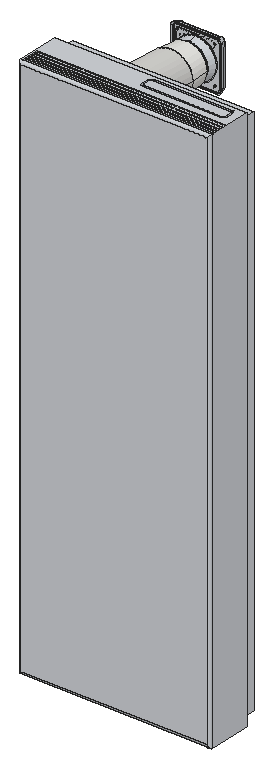
Revit family "57_CRD_ME_Sensa_V2X", category Mechanical Equipment, Revit 2020
Family settings
  Round Connector Dimension = Use Diameter
  Classification = None
  Part Type = Normal
  Work Plane-Based = Yes
  Always vertical = Yes
  Cut with Voids When Loaded = No
  Shared = No
  Room Calculation Point = Yes
Parameters
  voltage = 230 V  # constant formula
  roosters_hoh_maat [instance] = 880 mm
  rooster_offset_Y_onder [instance] = hoh_ventilatie_doorvoeren - roosters_hoh_maat + rooster_offset_Y_boven  # 118 mm
  rooster_offset_Y_boven [instance] = -100 mm
  rooster_offset_X [instance] = 100 mm
  ok_unit_tov_vloerpeil = 100 mm  # constant formula
  muurrooster_waalformaat [instance] = not(muurrooster_vierkant)  # no
  muurrooster_vierkant [instance] = yes
  materiaal_unit [instance] = none
  materiaal_muurrooster [instance] = none
  materiaal_kanaal [instance] = Color RAL 9016
  hoh_ventilatie_doorvoeren = 1098 mm  # constant formula
  hart_onderste_doorvoer_tov_vloerpeil = 238 mm  # constant formula
  hart_doorvoer_tov_hart_unit = 140 mm  # constant formula
  eis_offset_Y [instance] = "negatief getal ivm ontwatering"  # constant formula
  dikte_binnenspouwblad [instance] = 40 mm
  dikte_spouwconstructie [instance] = 400 mm
  diameter [instance] = if(connection_diameter_110, 110 mm, 150 mm)  # 110 mm
  debiet_m3h_max [instance] = 125.00 m³  # constant formula
  debiet_m3h [instance] = 100.00 m³
  debiet_Ls [instance] = debiet_m3h / 3600.0 s  # 27.7778 L/s
  connection_diameter_150 [instance] = 1 > 2  # no
  connection_diameter_110 [instance] = 2 > 1  # yes
  Power = 65 W
  Default Elevation = 1219.2 mm
Reference planes
  plane 1 "Center (Front/Back)": y = 0
  plane 2: z = 0
  plane 3 "Center (Left/Right)": x = 0
  plane 4: z = 100
  plane 5 "doorvoer_onder": z = 238
  plane 6 "doorvoer_boven": z = 1336
  plane 7: x = -140
Dimensions and locks
  "ok_unit_tov_vloerpeil": plane 2 to plane 4
  "hoh_ventilatie_doorvoeren": plane 5 "doorvoer_onder" to plane 6 "doorvoer_boven"
  "hart_onderste_doorvoer_tov_vloerpeil": plane 2 to plane 5 "doorvoer_onder"
  "hart_doorvoer_tov_hart_unit": plane 3 "Center (Left/Right)" to plane 7
  aligned and locked: level to plane 2
  aligned and locked: nested 2 to plane 7
  aligned and locked: nested 3 to plane 7
  aligned and locked: nested 3 to plane 1 "Center (Front/Back)"
  aligned and locked: nested 2 to plane 1 "Center (Front/Back)"
Nested families
  nested 1: "57_CRD_ME_Sensa_V2X_unit" at (0, 0, 0) x (1, 0, 0) z (0, -1, 0), materiaal_muurrooster <- "materiaal_muurrooster", Power <- "Power", rooster_offset_X <- "rooster_offset_X", debiet_m3h <- "debiet_m3h", muurrooster_vierkant <- "muurrooster_vierkant", materiaal_kanaal <- "materiaal_kanaal", materiaal_unit <- "materiaal_unit", dikte_spouwconstructie <- "dikte_spouwconstructie", dikte_binnenspouwblad <- "dikte_binnenspouwblad", rooster_offset_Y_boven <- "rooster_offset_Y_boven", roosters_hoh_maat <- "roosters_hoh_maat", rooster_offset_Y_onder <- "rooster_offset_Y_onder", type "Sensa V2X"
    with roosters_hoh_maat 880 mm, rooster_offset_Y_onder 118 mm, rooster_offset_Y_boven -100 mm, rooster_offset_X 100 mm, muurrooster_waalformaat no, muurrooster_vierkant yes, materiaal_unit none, materiaal_muurrooster none, materiaal_kanaal Color RAL 9016, dikte_spouwconstructie 400 mm, dikte_binnenspouwblad 40 mm, debiet_m3h 100.00 m³, debiet_Ls 27.7778 L/s, Voids Lenght Safe 300 mm, Void Length 220 mm, Void Depth 50 mm, Void Condition 0 mm, Square Condition 30.5 mm, Show Service Area no, Rectangular Condition 30.5 mm, Power 65 W, Length Grille Safe 350 mm, Length Grille 350 mm, Height Void 60 mm, Function Code "", Connection Diameter 150 no, Connection Diameter 110 yes
  nested 2: "57_CRD_AT_aansluiting_muurrooster_flex" at (-140, 0, 238) x (-1, 0, 0) z (0, 0, 1), materiaal_kanaal <- "materiaal_kanaal", materiaal_rooster <- "materiaal_muurrooster", diepte <- "dikte_spouwconstructie", lengte_recht_deel_aansluiting <- "dikte_binnenspouwblad", offset_X <- "rooster_offset_X", offset_Y <- "rooster_offset_Y_onder", Connection Diameter 150 <- "connection_diameter_150", muurrooster_waalformaat <- "muurrooster_waalformaat", type "Grille"
    with rekenwaarde_offset_Y 1118 mm, rekenwaarde_offset_X 1100 mm, offset_Y 118 mm, offset_X 100 mm, muurrooster_waalformaat no, muurrooster_vierkant yes, materiaal_rooster none, materiaal_kanaal Color RAL 9016, lengte_recht_deel_aansluiting 40 mm, diepte 400 mm, Tube Length 370 mm, R 55 mm, Diameter 110 mm, Connection Diameter 150 no, Connection Diameter 110 yes, Connection Diameter 110 mm
  nested 3: "57_CRD_AT_aansluiting_muurrooster_flex" at (-140, 0, 1336) x (-1, 0, 0) z (0, 0, 1), materiaal_kanaal <- "materiaal_kanaal", materiaal_rooster <- "materiaal_muurrooster", diepte <- "dikte_spouwconstructie", lengte_recht_deel_aansluiting <- "dikte_binnenspouwblad", offset_X <- "rooster_offset_X", offset_Y <- "rooster_offset_Y_boven", Connection Diameter 150 <- "connection_diameter_150", muurrooster_waalformaat <- "muurrooster_waalformaat", type "Grille"
    with rekenwaarde_offset_Y 900 mm, rekenwaarde_offset_X 1100 mm, offset_Y -100 mm, offset_X 100 mm, muurrooster_waalformaat no, muurrooster_vierkant yes, materiaal_rooster none, materiaal_kanaal Color RAL 9016, lengte_recht_deel_aansluiting 40 mm, diepte 400 mm, Tube Length 370 mm, R 55 mm, Diameter 110 mm, Connection Diameter 150 no, Connection Diameter 110 yes, Connection Diameter 110 mm
  nested 4: "Square Grille" at (-240, 400.025, 356) x (-1, 0, 0) z (0, 0, 1), type "Square Grille"
    with materiaal none, Function Code ""
  nested 5: "Square Grille" at (-240, 400.025, 1236) x (-1, 0, 0) z (0, 0, 1), type "Square Grille"
    with materiaal none, Function Code ""
Connectors
  electrical at (0, -2.521, 785), driven by "voltage"
    settings: on nested 1, index 1, voltage 230 V, apparent load 0 VA, apparent load phase1 0 VA, apparent load phase2 0 VA, apparent load phase3 0 VA, power factor 1, load classification "Other", number of poles 1, system type 31, power factor state 1, is connector primary yes, connector utility no, sub classification motor no, connector description ""
  hvac at (-140, 0, 238), driven by "diameter", driven by "debiet_Ls"
    settings: on nested 2, index 2, duct flow 27.7778 L/s, flow factor 0, pres drop 0.0 Pa, loss coef 0, conn angle 0.00°, conn width 304.8 mm, conn height 304.8 mm, conn diameter 110 mm, duct sys type 1, conn prof type 0, flow config 0, flow direction 1, loss method 0, conn ref index -1, conn util no, is conn primary yes, conn desc ""
  hvac at (-140, 0, 1336), driven by "diameter", driven by "debiet_Ls"
    settings: on nested 3, index 3, duct flow 27.7778 L/s, flow factor 0, pres drop 0.0 Pa, loss coef 0, conn angle 0.00°, conn width 304.8 mm, conn height 304.8 mm, conn diameter 110 mm, duct sys type 2, conn prof type 0, flow config 0, flow direction 2, loss method 0, conn ref index -1, conn util no, is conn primary no, conn desc ""
Definition of nested family "57_CRD_ME_Sensa_V2X_unit"
  Parameters (values of type "Sensa V2X")
    roosters_hoh_maat [instance] = 880 mm
    rooster_offset_Y_onder [instance] = 314 mm
    rooster_offset_Y_boven [instance] = 100 mm
    rooster_offset_X [instance] = 100 mm
    muurrooster_waalformaat [instance] = not(muurrooster_vierkant)  # no
    muurrooster_vierkant [instance] = yes
    materiaal_unit [instance] = none
    materiaal_muurrooster [instance] = none
    materiaal_kanaal [instance] = none
    hoh_ventilatie_doorvoeren = 1094 mm  # constant formula
    dikte_spouwconstructie [instance] = 400 mm
    dikte_binnenspouwblad [instance] = 40 mm
    debiet_m3h [instance] = 100.00 m³
    debiet_Ls [instance] = debiet_m3h / 3600.0 s  # 27.7778 L/s
    Wholesaler Art. No. = ""
    Wholesaler = ""
    Watermarked By = "www.stabiplan.com"
    Voltage = 230.002 V
    White = none
    Voids Lenght Safe [instance] = 300 mm
    Void Length [instance] = 220 mm
    Void Depth [instance] = 50 mm
    Void Condition [instance] = 0 mm
    URL = "www.stabiplan.com"
    Stabu Code = ""
    Square Condition [instance] = 30.5 mm
    Show Service Area [instance] = no
    Service Area = none
    Revit Version = "2018"  # constant formula
    Rectangular Condition [instance] = 30.5 mm
    Connection Radius = 55 mm
    Product Line = "ClimaRad"  # constant formula
    Power [instance] = 65 W
    Model = "Sensa V2X"
    Manufacturer URL = "www.climarad.com"
    Manufacturer Art. No. = "3514600"
    Manufacturer = "ClimaRad"  # constant formula
    MEPcontent Class = "VENTILATION_UNIT"  # constant formula
    Length Grille Safe [instance] = if(Length Grille < 350 mm, 350 mm, if(Length Grille > 500 mm, 500 mm, Length Grille))  # 350 mm
    Length Grille [instance] = 350 mm
    Length = 480 mm
    Internal Art. No. = ""
    IFCExportType = "NOTDEFINED"  # constant formula
    IFCExportAs = "IfcAirTerminal"  # constant formula
    Height Void [instance] = 60 mm
    Height = 1374 mm
    Grey = none
    GTIN = ""  # constant formula
    Function Code [instance] = ""
    Family Version = "11.14"  # constant formula
    ETIM Article Class = "EC010004"
    EMCS Version = "3.0"  # constant formula
    Distance connection 2 = 138 mm
    Distance connection = 142 mm
    Description = "Ventilation unit"  # constant formula
    Depth = 153 mm
    Default Elevation = 0 mm
    Custom = no
    Copyright = "© Stabiplan International BV"  # constant formula
    Content Supplier URL = "www.MEPcontent.com"
    Connection Diameter 150 [instance] = not(Connection Diameter 110)  # no
    Connection Diameter 110 [instance] = yes
    CB-NL Class = ""
    Article Type = "Sensa V2X"
    Article Description = "Ventilation unit"  # constant formula
  Reference planes
    plane 1 "Center (Front/Back)": y = 0
    plane 2: z = 0
    plane 3 "Center (Left/Right)": x = 0
    plane 4: y = 100
    plane 5: y = 787
    plane 6 "Front Equioment": z = 155.521
    plane 7: x = 240
    plane 8: x = -240
    plane 9 "Back": y = 1474
    plane 10: x = -260
    plane 11: x = 260
    plane 12: y = 1574
    plane 13: z = 62.036
    plane 14 "Front": z = 255.521
    plane 15: z = -380.5
    plane 16: z = -394.5
    plane 17: z = -387.781
    plane 18: z = -350
    plane 19: y = 114
    plane 20: y = 1456
    plane 21: x = -140
    plane 22: y = 1332
    plane 23: x = -226
    plane 24: x = 226
    plane 25: y = 238
    plane 26: z = -300
    plane 27: z = -350
    plane 28: z = 2.521
  Forms (mm)
    Extrusion 1, solid
      sketch origin (0, 0, 0) x (1, 0, 0) y (0, 1, 0)
        loop
          line (-480, 1457.842) -> (-480, -68.903) -> (469.794, -68.903) -> (469.794, 1457.842) -> (-480, 1457.842)
      from 0 to -450
    Extrusion 2, solid, material <- "White", detail levels fine
      sketch origin (-1854.958, 456.525, -35.1) x (1, 0, 0) y (0, 1, 0)
        loop
          line (1773.958, 811.476) -> (1773.958, 939.473)
          arc (1773.958, 939.473) -> (1771.029, 946.544) -> (1763.958, 949.473) r 10
          line (1763.958, 949.473) -> (1665.958, 949.473)
          arc (1665.958, 949.473) -> (1658.887, 946.544) -> (1655.958, 939.473) r 10
          line (1655.958, 939.473) -> (1655.958, 811.476)
          arc (1655.958, 811.476) -> (1658.887, 804.405) -> (1665.958, 801.476) r 10
          line (1665.958, 801.476) -> (1763.958, 801.476)
          arc (1763.958, 801.476) -> (1771.029, 804.405) -> (1773.958, 811.476) r 10
        loop
          circle (1714.958, 875.475) r 40
      from 35.1 to 37.6
    Extrusion 3, solid, material <- "Service Area", visible <- "Show Service Area"
      sketch origin (1751.09, 1776.354, 0) x (0, -1, 0) y (1, 0, 0)
        loop
          line (202.354, -2011.09) -> (1776.354, -2011.09) -> (1776.354, -1491.09) -> (202.354, -1491.09) -> (202.354, -2011.09)
      from 255.521 to 2.5
    Extrusion 4, solid, material <- "materiaal_unit", detail levels fine
      sketch origin (-266.791, 681.544, 2.484) x (-1, 0, 0) y (0, 1, 0)
        loop
          line (-40.791, 774.456) -> (-492.791, 774.456) -> (-492.791, -567.544) -> (-40.791, -567.544) -> (-40.791, 774.456)
      from -0.036 to -38
    Extrusion 5, solid, material <- "materiaal_unit", detail levels fine
      sketch origin (0, 0, 0) x (0, 1, 0) y (0, 0, 1)
        loop
          line (1474, 155.521) -> (100, 155.521) -> (100, 40.484) -> (1474, 40.484) -> (1474, 155.521)
      from -240 to 240
    Extrusion 6, void
      sketch origin (0, 0, 0) x (1, 0, 0) y (0, 0, 1)
        loop
          line (235.315, 148.577) -> (-234.685, 148.577) -> (-234.685, 143.577) -> (235.315, 143.577) -> (235.315, 148.577)
        loop
          line (235.315, 138.577) -> (-234.685, 138.577) -> (-234.685, 133.577) -> (235.315, 133.577) -> (235.315, 138.577)
        loop
          line (235.315, 128.577) -> (-234.685, 128.577) -> (-234.685, 123.577) -> (235.315, 123.577) -> (235.315, 128.577)
        loop
          line (235.315, 118.577) -> (-234.685, 118.577) -> (-234.685, 113.577) -> (235.315, 113.577) -> (235.315, 118.577)
        loop
          line (235.315, 108.577) -> (-234.685, 108.577) -> (-234.685, 103.577) -> (235.315, 103.577) -> (235.315, 108.577)
      from -1474 to -1439.681
    Extrusion 7, void
      sketch origin (-1052.495, 1474, 1219.2) x (-1, 0, 0) y (0, 0, 1)
        loop
          arc (-1263.031, -1134.079) -> (-1270.102, -1137.008) -> (-1273.031, -1144.079) r 10
          line (-1273.031, -1144.079) -> (-1273.031, -1159.079)
          arc (-1273.031, -1159.079) -> (-1270.102, -1166.15) -> (-1263.031, -1169.079) r 10
          line (-1263.031, -1169.079) -> (-1068.031, -1169.079)
          arc (-1068.031, -1169.079) -> (-1060.96, -1166.15) -> (-1058.031, -1159.079) r 10
          line (-1058.031, -1159.079) -> (-1058.031, -1144.079)
          arc (-1058.031, -1144.079) -> (-1060.96, -1137.008) -> (-1068.031, -1134.079) r 10
          line (-1068.031, -1134.079) -> (-1263.031, -1134.079)
        loop
          arc (-1263.031, -1139.079) -> (-1266.567, -1140.543) -> (-1268.031, -1144.079) r 5
          line (-1268.031, -1144.079) -> (-1268.031, -1159.079)
          arc (-1268.031, -1159.079) -> (-1266.567, -1162.615) -> (-1263.031, -1164.079) r 5
          line (-1263.031, -1164.079) -> (-1068.031, -1164.079)
          arc (-1068.031, -1164.079) -> (-1064.496, -1162.615) -> (-1063.031, -1159.079) r 5
          line (-1063.031, -1159.079) -> (-1063.031, -1144.079)
          arc (-1063.031, -1144.079) -> (-1064.496, -1140.543) -> (-1068.031, -1139.079) r 5
          line (-1068.031, -1139.079) -> (-1263.031, -1139.079)
      from -18 to 0
    Extrusion 8, solid, material <- "materiaal_unit", detail levels coarse+medium
      sketch origin (-278.735, -4572, -387.781) x (0, -1, 0) y (-1, 0, 0)
        loop
          line (-6046, -38.735) -> (-6046, -518.735) -> (-4672, -518.735) -> (-4672, -38.735) -> (-6046, -38.735)
      from -543.302 to -387.781
    Extrusion 9, solid, material <- "White", detail levels fine
      sketch origin (-1854.37, 1115.131, -35.1) x (-1, 0, 0) y (0, -1, 0)
        loop
          arc (-1773.37, 813.132) -> (-1770.441, 806.061) -> (-1763.37, 803.132) r 10
          line (-1763.37, 803.132) -> (-1665.37, 803.132)
          arc (-1665.37, 803.132) -> (-1658.299, 806.061) -> (-1655.37, 813.132) r 10
          line (-1655.37, 813.132) -> (-1655.37, 941.13)
          arc (-1655.37, 941.13) -> (-1658.299, 948.201) -> (-1665.37, 951.13) r 10
          line (-1665.37, 951.13) -> (-1763.37, 951.13)
          arc (-1763.37, 951.13) -> (-1770.441, 948.201) -> (-1773.37, 941.13) r 10
          line (-1773.37, 941.13) -> (-1773.37, 813.132)
        loop
          circle (-1714.37, 877.131) r 40
      from 35.1 to 37.6
    Sweep 10, void
      path origin (0, 0, 155.521) x (0, 1, 0) y (-1, 0, 0)
        loop
          line (1474, 240) -> (100, 240) -> (100, -240) -> (1474, -240) -> (1474, 240)
      profile origin (-240, 787, 155.521) x (1, 0, 0) y (0, 0, 1)
        loop
          line (7, 0) -> (14, 0) -> (14, 12.534) -> (-10, 12.534) -> (-10, -14.627) -> (0, -14.627) -> (0, -7)
          arc (0, -7) -> (2.05, -2.05) -> (7, 0) r 7
    Extrusion 11, void
      sketch origin (0, 0, 255.521) x (0, 1, 0) y (-1, 0, 0)
        loop
          line (161.299, 209.225) -> (100, 209.225) -> (100, -209.225) -> (161.299, -209.225) -> (161.299, 209.225)
      from -215.036 to -121.943
  Cuts and joins
    Extrusion 6, Extrusion 7, Sweep 10, Extrusion 11 cuts Extrusion 5
  Lines and regions (mm)
    model lines, detail levels fine
      curve 1: circle (200.537, 1474, 67.621) r 5 normal (0, 1, 0)
      curve 2: circle (185.537, 1474, 67.621) r 5 normal (0, 1, 0)
      curve 3: circle (170.537, 1474, 67.621) r 5 normal (0, 1, 0)
      curve 4: circle (155.537, 1474, 67.621) r 5 normal (0, 1, 0)
      curve 5: circle (140.537, 1474, 67.621) r 5 normal (0, 1, 0)
      curve 6: circle (40.537, 1474, 67.621) r 5 normal (0, 1, 0)
  Dimensions and locks
    locked: plane 4 to plane 1 "Center (Front/Back)" at 100
    equal spacing: plane 8, plane 3 "Center (Left/Right)", plane 7
    "Length": plane 8 to plane 7
    "Height": plane 9 "Back" to plane 4
    locked: plane 10 to plane 8 at 20
    locked: plane 7 to plane 11 at 20
    locked: plane 12 to plane 9 "Back" at 100
    locked: plane 13 to plane 2 at 62.036
    locked: plane 14 "Front" to plane 6 "Front Equioment" at 100
    locked: plane 15 to plane 16 at 14
    locked: plane 15 to plane 17 at 7.281
    "Square Condition": plane 18 to plane 15
    locked: plane 19 to plane 4 at 14
    locked: plane 1 "Center (Front/Back)" to plane 4 at 100
    locked: plane 8 to plane 23 at 14
    equal spacing: plane 9 "Back", plane 5, plane 4
    plane 3 "Center (Left/Right)" to Extrusion 8 = 240 mm
    "Length Grille Safe": plane 2 to plane 18
    "Distance connection": plane 9 "Back" to plane 22
    "Distance connection 2": plane 25 to plane 4
    plane 9 "Back" to plane 22 = 142 mm
    "Voids Lenght Safe": plane 2 to plane 26
    "Void Depth": plane 26 to plane 27
    "Depth": plane 6 "Front Equioment" to plane 28
    plane 28 to plane 2 = 2.521 mm
    equal spacing: Extrusion 11 sketch curve, plane 3 "Center (Left/Right)", Extrusion 11 sketch curve
    aligned and locked: plane 2 to Extrusion 1
    aligned and locked: level to Extrusion 1
    aligned and locked: plane 1 "Center (Front/Back)" to Extrusion 3
    aligned and locked: plane 11 to Extrusion 3
    aligned and locked: Extrusion 3 to plane 10
    aligned and locked: plane 12 to Extrusion 3
    aligned and locked: plane 14 "Front" to Extrusion 3
    aligned and locked: Extrusion 5 to Extrusion 4
    aligned and locked: plane 6 "Front Equioment" to Extrusion 5
    aligned and locked: plane 8 to Extrusion 5
    aligned and locked: plane 7 to Extrusion 5
    aligned and locked: Extrusion 4 to plane 19
    aligned and locked: plane 20 to Extrusion 4
    aligned and locked: Extrusion 4 to plane 24
    aligned and locked: Extrusion 8 to plane 2
    aligned and locked: plane 6 "Front Equioment" to Extrusion 8
  Automatic sketch dimensions
    Extrusion 1 sketch curve to Extrusion 1 sketch curve = 949.794 mm
    Extrusion 1 sketch curve to Extrusion 1 sketch curve = 1526.745 mm
    Extrusion 2 sketch curve to plane 21 = 0 mm
    Extrusion 2 sketch curve to plane 22 = 0 mm
    Extrusion 2 sketch curve to plane 21 = 49 mm  (x2)
    Extrusion 2 sketch curve to Extrusion 2 sketch curve = 10 mm  (x2)
    plane 21 to Extrusion 2 sketch curve = 49 mm  (x2)
    Extrusion 2 sketch curve to plane 22 = 63.999 mm
    plane 22 to Extrusion 2 sketch curve = 63.999 mm
    Extrusion 3 sketch curve to plane 11 = 0 mm
    Extrusion 3 sketch curve to plane 12 = 0 mm
    plane 1 "Center (Front/Back)" to Extrusion 3 sketch curve = 0 mm
    Extrusion 3 sketch curve to plane 10 = 0 mm
    Extrusion 4 sketch curve to plane 19 = 0 mm
    Extrusion 4 sketch curve to plane 24 = 0 mm
    Extrusion 4 sketch curve to plane 23 = 0 mm
    Extrusion 4 sketch curve to plane 20 = 0 mm
    Extrusion 5 sketch curve to plane 4 = 0 mm
    Extrusion 5 sketch curve to plane 9 "Back" = 0 mm
    plane 6 "Front Equioment" to Extrusion 5 sketch curve = 0 mm
    Extrusion 5 sketch curve to plane 13 = 21.552 mm
    Extrusion 6 sketch curve to plane 8 = 5.315 mm  (x3)
    Extrusion 6 sketch curve to Extrusion 6 sketch curve = 0 mm  (x2)
    Extrusion 6 sketch curve to plane 7 = 4.685 mm  (x5)
    plane 13 to Extrusion 6 sketch curve = 41.541 mm
    Extrusion 6 sketch curve to Extrusion 6 sketch curve = 5 mm  (x9)
    Extrusion 7 sketch curve to Extrusion 7 sketch curve = 0 mm  (x9)
    Extrusion 7 sketch curve to plane 13 = 1.915 mm  (x2)
    plane 24 to Extrusion 7 sketch curve = 5.463 mm
    Extrusion 7 sketch curve to Extrusion 7 sketch curve = 5 mm  (x3)
    plane 3 "Center (Left/Right)" to Extrusion 7 sketch curve = 15.537 mm
    plane 13 to Extrusion 7 sketch curve = 13.085 mm
    plane 13 to curve 1 = 5.585 mm
    plane 24 to curve 1 = 25.463 mm
    plane 13 to curve 2 = 5.585 mm
    curve 1 to curve 2 = 15 mm
    plane 13 to curve 3 = 5.585 mm
    curve 2 to curve 3 = 15 mm
    plane 13 to curve 4 = 5.585 mm
    curve 3 to curve 4 = 15 mm
    plane 13 to curve 5 = 5.585 mm
    curve 4 to curve 5 = 15 mm
    plane 13 to curve 6 = 5.585 mm
    plane 3 "Center (Left/Right)" to curve 6 = 40.537 mm
    plane 21 to Extrusion 9 sketch curve = 59 mm
    Extrusion 9 sketch curve to Extrusion 9 sketch curve = 10 mm  (x3)
    plane 21 to Extrusion 9 sketch curve = 0 mm
    Extrusion 9 sketch curve to plane 21 = 49 mm  (x2)
    Extrusion 9 sketch curve to plane 25 = 73.999 mm
    plane 25 to Extrusion 9 sketch curve = 0 mm
    plane 25 to Extrusion 9 sketch curve = 63.999 mm
    Sweep 10 sketch curve to plane 4 = 0 mm
    Sweep 10 sketch curve to plane 7 = 0 mm
    Sweep 10 sketch curve to plane 9 "Back" = 0 mm
    Sweep 10 sketch curve to plane 8 = 0 mm
    Extrusion 8 sketch curve to plane 7 = 0 mm
    Extrusion 8 sketch curve to plane 9 "Back" = 0 mm
    Extrusion 8 sketch curve to plane 4 = 0 mm
    Extrusion 8 sketch curve to plane 8 = 0 mm
    profile plane to Sweep 10 sketch curve = 0 mm
    Sweep 10 sketch curve to plane 6 "Front Equioment" = 0 mm
    Sweep 10 sketch curve to Sweep 10 sketch curve = 7 mm  (x2)
    Sweep 10 sketch curve to Sweep 10 sketch curve = 7.627 mm
    Sweep 10 sketch curve to Sweep 10 sketch curve = 12.534 mm
    Sweep 10 sketch curve to Sweep 10 sketch curve = 10 mm
    Extrusion 11 sketch curve to plane 19 = 14 mm
    Extrusion 11 sketch curve to Extrusion 11 sketch curve = 61.299 mm
    plane 24 to Extrusion 11 sketch curve = 16.775 mm
    radius of Extrusion 2 sketch curve = 40 mm
    radius of curve 1 = 5 mm
    radius of curve 2 = 5 mm
    radius of curve 3 = 5 mm
    radius of curve 4 = 5 mm
    radius of curve 5 = 5 mm
    radius of curve 6 = 5 mm
    radius of Extrusion 9 sketch curve = 40 mm
Definition of nested family "57_CRD_AT_aansluiting_muurrooster_flex"
  Parameters (values of type "Grille")
    rekenwaarde_offset_Y [instance] = offset_Y + 1000 mm  # 1150 mm
    rekenwaarde_offset_X [instance] = offset_X + 1000 mm  # 1150 mm
    offset_Y [instance] = 150 mm
    offset_X [instance] = 150 mm
    muurrooster_waalformaat [instance] = yes
    muurrooster_vierkant [instance] = not(muurrooster_waalformaat)  # no
    materiaal_rooster [instance] = none
    materiaal_kanaal [instance] = none
    lengte_recht_deel_aansluiting [instance] = 100 mm
    diepte [instance] = 600 mm
    Width = 210 mm
    Watermarked By = ""
    URL = "www.stabiplan.com"
    Tube Length [instance] = if(muurrooster_waalformaat, diepte - 80 mm, diepte - 30 mm)  # 520 mm
    R [instance] = Connection Diameter / 2  # 75 mm
    Model = ""
    Manufacturer = "ClimaRad"  # constant formula
    IFCExportType = "GRILLE"  # constant formula
    IFCExportAs = "IfcAirTerminal"  # constant formula
    Height = 53 mm
    Diameter [instance] = Connection Diameter  # 150 mm
    Description = ""
    Depth = 7.5 mm
    Default Elevation = 1219.2 mm
    Connection Diameter 150 [instance] = yes
    Connection Diameter 110 [instance] = not(Connection Diameter 150)  # no
    Connection Diameter [instance] = if(Connection Diameter 110, 110 mm, 150 mm)  # 150 mm
    Keynote = "﻿﻿​        ﻿﻿  ﻿ ﻿   ﻿ ﻿ ﻿     ﻿   ﻿ ﻿  ﻿﻿ ﻿     ​                      ﻿     ﻿     ​         ​              ﻿                           ​﻿﻿"
    Type Comments = "﻿﻿​        ﻿﻿  ﻿ ﻿   ﻿ ﻿ ﻿     ﻿   ﻿ ﻿  ﻿﻿ ﻿     ​                      ﻿     ﻿     ​         ​              ﻿                           ​﻿﻿"
    Assembly Code = "﻿﻿​        ﻿﻿  ﻿ ﻿   ﻿ ﻿ ﻿     ﻿   ﻿ ﻿  ﻿﻿ ﻿     ​                      ﻿     ﻿     ​         ​              ﻿                           ​﻿﻿"
  Reference planes
    plane 1 "Center (Front/Back)": y = 0
    plane 2: z = 0
    plane 3 "Center (Left/Right)": x = 0
    plane 4: y = -340.025
    plane 5: x = 43
    plane 6: x = -43
    plane 7 "achterkant_rooster": y = -520
    plane 8: x = -1000
    plane 9: z = -1000
    plane 10: x = 150
    plane 11 "level_muurrooster": z = 150
    plane 12 "asp_rooster": y = -470.025
    plane 13 "ventura_ASP": y = -100
    plane 14: y = -550.025
    plane 15: y = -600.025
  Forms (mm)
    Extrusion 1, solid, material <- "materiaal_kanaal"
      sketch origin (0, -100, 0) x (-1, 0, 0) y (0, 0, 1)
        loop
          circle (0, 0) r 75
      from 0 to 100
    Blend 2, solid, material <- "materiaal_kanaal"
      base sketch origin (0, -100, 0) x (-1, 0, 0) y (0, 0, 1)
        loop
          circle (0, 0) r 75
      top sketch origin (0, -470.025, 0) x (-1, 0, 0) y (0, 0, 1)
        loop
          circle (-150, 150.501) r 75
      from 0 to 0
    SweptBlend 3, solid, material <- "materiaal_kanaal"
      path origin (0, -430.025, 150) x (-1, 0, 0) y (0, -1, 0)
        loop
          line (-150, 40) -> (-150, 89.975)
      profile origin (150, -470.025, 150) x (1, 0, 0) y (0, 0, 1)
        loop
          circle (0, 0.501) r 75
      end profile origin (150, -520, 150) x (1, 0, 0) y (0, 0, 1)
        loop
          circle (0, 0.501) r 50
  Lines and regions (mm)
    model lines
      curve 1: line (150, -470.025, 150) -> (150, -520, 150)
  Dimensions and locks
    equal spacing: plane 6, plane 3 "Center (Left/Right)", plane 5
    locked: plane 6 to plane 5 at 86
    plane 1 "Center (Front/Back)" to plane 4 = 340.025 mm
    plane 7 "achterkant_rooster" to plane 1 "Center (Front/Back)" = 520 mm
    locked: plane 3 "Center (Left/Right)" to plane 8 at 1000
    locked: plane 2 to plane 9 at 1000
    "rekenwaarde_offset_Y": plane 11 "level_muurrooster" to plane 9
    "rekenwaarde_offset_X": plane 10 to plane 8
    locked: plane 14 to plane 15 at 50
    "Tube Length": plane 7 "achterkant_rooster" to plane 1 "Center (Front/Back)"
    locked: plane 7 "achterkant_rooster" to plane 12 "asp_rooster" at 49.975
    locked: plane 15 to plane 7 "achterkant_rooster" at 80.025
    "lengte_recht_deel_aansluiting": plane 1 "Center (Front/Back)" to plane 13 "ventura_ASP"
    "Diameter": diameter of Extrusion 1 sketch curve
    "Diameter": diameter of Blend 2 sketch curve  (x2)
    "Diameter": diameter of SweptBlend 3 sketch curve
    aligned and locked: level to plane 2
    aligned and locked: plane 7 "achterkant_rooster" to SweptBlend 3 sketch curve
    aligned and locked: plane 12 "asp_rooster" to SweptBlend 3 sketch curve
    aligned and locked: plane 10 to nested 1
    aligned and locked: nested 2 to plane 14
    aligned and locked: plane 10 to nested 2
    aligned and locked: nested 1 to plane 15
    aligned and locked: Extrusion 1 to plane 1 "Center (Front/Back)"
  Automatic sketch dimensions
    plane 7 "achterkant_rooster" to curve 1 = 0 mm
    curve 1 to plane 10 = 0 mm
    curve 1 to plane 12 "asp_rooster" = 0 mm
    SweptBlend 3 sketch curve to plane 10 = 0 mm
    profile plane to SweptBlend 3 sketch curve = 0 mm  (x2)
    plane 11 "level_muurrooster" to SweptBlend 3 sketch curve = 0.501 mm  (x2)
    Extrusion 1 sketch curve to level = 0 mm
    Extrusion 1 sketch curve to plane 3 "Center (Left/Right)" = 0 mm
    Blend 2 sketch curve to level = 0 mm
    Blend 2 sketch curve to plane 3 "Center (Left/Right)" = 0 mm
    Blend 2 sketch curve to Blend 2 sketch curve = 0 mm  (x2)
    Blend 2 sketch curve to plane 10 = 0 mm
    plane 11 "level_muurrooster" to Blend 2 sketch curve = 0.501 mm
    radius of SweptBlend 3 sketch curve = 50 mm
  Nested families
    nested 1: "Rectangular Grille" at (150, -600.025, 150), materiaal <- "materiaal_rooster", visible <- "muurrooster_waalformaat", type "Rectangular Grille"
      with materiaal none, Function Code "", Default Elevation 0 mm
    nested 2: "Square Grille" at (150, -550.025, 150), materiaal <- "materiaal_rooster", visible <- "muurrooster_vierkant", type "Square Grille"
      with materiaal none, Function Code ""
  Definition of nested family "Rectangular Grille"
    Parameters (values of type "Rectangular Grille")
      Width = 210 mm
      Wholesaler Art. No. = ""
      Wholesaler = ""
      materiaal [instance] = none
      Watermarked By = "www.stabiplan.com"
      URL = "www.stabiplan.com"
      Type Comments = "﻿﻿ ﻿ ﻿﻿﻿﻿﻿﻿          ​          ﻿       ﻿   ﻿  ﻿  ﻿  ﻿​     ​​  ​​   ​​   ﻿﻿     ​      ​​  ​​      ﻿     ﻿   ﻿      ﻿  ﻿﻿"
      Stabu Code = ""
      Revit Version = "2014"  # constant formula
      Product Line = "ClimaRad"
      Model = "53x210"
      Manufacturer URL = "www.climarad.com"
      Manufacturer Art. No. = "3511103"
      Manufacturer = "ClimaRad"
      MEPcontent Class = "GRILLE"  # constant formula
      Keynote = "﻿﻿ ﻿ ﻿﻿﻿﻿﻿﻿          ​          ﻿       ﻿   ﻿  ﻿  ﻿  ﻿​     ​​  ​​   ​​   ﻿﻿     ​      ​​  ​​      ﻿     ﻿   ﻿      ﻿  ﻿﻿"
      Internal Art. No. = ""
      IFCExportType = "GRILLE"  # constant formula
      IFCExportAs = "IfcAirTerminalType"  # constant formula
      Height = 53 mm
      GTIN = ""
      Function Code [instance] = ""
      Family Version = "10.04"  # constant formula
      ETIM Article Class = "EC001297"
      EMCS Version = "2.0"  # constant formula
      Description = "Aluminium brick"
      Depth = 7.5 mm
      Default Elevation = 1219.2 mm
      Custom = no
      Copyright = "© Stabiplan International BV"  # constant formula
      Content Supplier URL = "www.mepcontent.eu"
      CB-NL Class = ""
      Assembly Code = "﻿﻿ ﻿ ﻿﻿﻿﻿﻿﻿          ​          ﻿       ﻿   ﻿  ﻿  ﻿  ﻿​     ​​  ​​   ​​   ﻿﻿     ​      ​​  ​​      ﻿     ﻿   ﻿      ﻿  ﻿﻿"
      Article Type = "53x210"
      Article Description = "Aluminium brick"
    Reference planes
      plane 1 "Center (Front/Back)": y = 0
      plane 2: z = 0
      plane 3 "Center (Left/Right)": x = 0
      plane 4: y = 90
    Forms (mm)
      Revolve 1, solid, material <- "materiaal", detail levels fine
        sketch origin (0, 50, 0) x (0, 1, 0) y (0, 0, 1)
          loop
            arc (39.018, 42.11) -> (39.963, 43.055) -> (39.018, 44) r 0.945
            line (39.018, 44) -> (38.22, 44)
            arc (38.22, 44) -> (37.144, 44.34) -> (36.461, 45.238) r 1.868
            line (36.461, 45.238) -> (36.176, 46.035)
            arc (36.176, 46.035) -> (35.58, 46.509) -> (34.985, 46.035) r 0.611
            line (34.985, 46.035) -> (34.985, 44.473)
            arc (34.985, 44.473) -> (34.391, 43.99) -> (33.796, 44.473) r 0.607
            line (33.796, 44.473) -> (33.796, 46.019)
            arc (33.796, 46.019) -> (33.188, 46.501) -> (32.58, 46.019) r 0.625
            line (32.58, 46.019) -> (32.287, 45.206)
            arc (32.287, 45.206) -> (31.587, 44.307) -> (30.491, 43.995) r 1.834
            line (30.491, 43.995) -> (29.298, 43.995)
            arc (29.298, 43.995) -> (28.157, 44.349) -> (27.417, 45.286) r 2.015
            line (27.417, 45.286) -> (27.157, 46.035)
            arc (27.157, 46.035) -> (26.562, 46.509) -> (25.966, 46.035) r 0.611
            line (25.966, 46.035) -> (25.966, 44.473)
            arc (25.966, 44.473) -> (25.372, 43.99) -> (24.777, 44.473) r 0.607
            line (24.777, 44.473) -> (24.777, 46.019)
            arc (24.777, 46.019) -> (24.169, 46.501) -> (23.561, 46.019) r 0.625
            line (23.561, 46.019) -> (23.268, 45.206)
            arc (23.268, 45.206) -> (22.536, 44.329) -> (21.442, 44) r 1.985
            line (21.442, 44) -> (0, 44) -> (0, 42.11) -> (39.018, 42.11)
          axis (39.018, 0) -> (0, 0)
        angle from 0 to 360
      Sweep 2, solid, material <- "materiaal", detail levels fine
        path origin (0, 0, 0) x (1, 0, 0) y (0, 0, 1)
          loop
            line (-104, 25.5) -> (-104, -25.5) -> (104, -25.5) -> (104, 25.5) -> (-104, 25.5)
        profile origin (0, 0, 25.5) x (0, 0, 1) y (0, -1, 0)
          loop
            line (-3.5, 6.5) -> (-0.973, 6.5)
            arc (-0.973, 6.5) -> (-0.285, 6.215) -> (0, 5.527) r 0.973
            line (0, 5.527) -> (0, 0) -> (1, 0) -> (1, 5.549)
            arc (1, 5.549) -> (0.429, 6.929) -> (-0.951, 7.5) r 1.951
            line (-0.951, 7.5) -> (-3.5, 7.5) -> (-3.5, 6.5)
      Extrusion 3, solid, material <- "materiaal", detail levels fine
        sketch origin (0, 0, 0) x (0, 1, 0) y (0, 0, 1)
          loop
            line (13.466, 12.788) -> (0.018, 16.392)
            arc (0.018, 16.392) -> (-0.847, 16.43) -> (-1.647, 16.098) r 2
            line (-1.647, 16.098) -> (-7.5, 12) -> (-6.926, 11.181) -> (-1.074, 15.279)
            arc (-1.074, 15.279) -> (-0.674, 15.445) -> (-0.241, 15.426) r 1
            line (-0.241, 15.426) -> (13.207, 11.822) -> (13.466, 12.788)
          loop
            line (13.466, 0.788) -> (0.018, 4.392)
            arc (0.018, 4.392) -> (-0.847, 4.43) -> (-1.647, 4.098) r 2
            line (-1.647, 4.098) -> (-7.5, 0) -> (-6.926, -0.819) -> (-1.074, 3.279)
            arc (-1.074, 3.279) -> (-0.674, 3.445) -> (-0.241, 3.426) r 1
            line (-0.241, 3.426) -> (13.207, -0.178) -> (13.466, 0.788)
          loop
            line (13.466, -11.212) -> (0.018, -7.608)
            arc (0.018, -7.608) -> (-0.847, -7.57) -> (-1.647, -7.902) r 2
            line (-1.647, -7.902) -> (-7.5, -12) -> (-6.926, -12.819) -> (-1.074, -8.721)
            arc (-1.074, -8.721) -> (-0.674, -8.555) -> (-0.241, -8.574) r 1
            line (-0.241, -8.574) -> (13.207, -12.178) -> (13.466, -11.212)
        from -99.5 to 99.5
      Extrusion 4, solid, material <- "materiaal", detail levels fine
        sketch origin (0, 0, 0) x (1, 0, 0) y (0, 1, 0)
          loop
            line (-104, 0) -> (-104, -4.5)
            arc (-104, -4.5) -> (-103.414, -5.914) -> (-102, -6.5) r 2
            line (-102, -6.5) -> (-100.377, -6.5)
            arc (-100.377, -6.5) -> (-99.058, -6.004) -> (-98.394, -4.761) r 2
            line (-98.394, -4.761) -> (-95.626, 16.266)
            arc (-95.626, 16.266) -> (-95.531, 17.224) -> (-95.5, 18.185) r 14.704
            line (-95.5, 18.185) -> (-95.5, 30.5) -> (-96.5, 30.5) -> (-96.5, 18.368)
            arc (-96.5, 18.368) -> (-96.535, 17.29) -> (-96.641, 16.216) r 16.483
            line (-96.641, 16.216) -> (-99.386, -4.631)
            arc (-99.386, -4.631) -> (-99.718, -5.252) -> (-100.377, -5.5) r 1
            line (-100.377, -5.5) -> (-102, -5.5)
            arc (-102, -5.5) -> (-102.707, -5.207) -> (-103, -4.5) r 1
            line (-103, -4.5) -> (-103, 0) -> (-104, 0)
          loop
            line (104, 0) -> (103, 0) -> (103, -4.5)
            arc (103, -4.5) -> (102.707, -5.207) -> (102, -5.5) r 1
            line (102, -5.5) -> (100.377, -5.5)
            arc (100.377, -5.5) -> (99.718, -5.252) -> (99.386, -4.631) r 1
            line (99.386, -4.631) -> (96.641, 16.216)
            arc (96.641, 16.216) -> (96.535, 17.29) -> (96.5, 18.368) r 16.483
            line (96.5, 18.368) -> (96.5, 30.5) -> (95.5, 30.5) -> (95.5, 18.185)
            arc (95.5, 18.185) -> (95.531, 17.224) -> (95.626, 16.266) r 14.704
            line (95.626, 16.266) -> (98.394, -4.761)
            arc (98.394, -4.761) -> (99.058, -6.004) -> (100.377, -6.5) r 2
            line (100.377, -6.5) -> (102, -6.5)
            arc (102, -6.5) -> (103.414, -5.914) -> (104, -4.5) r 2
            line (104, -4.5) -> (104, 0)
        from -22.5 to 22.483
      Extrusion 5, void
        sketch origin (0, 0, 0) x (0, 1, 0) y (0, 0, 1)
          loop
            line (28.768, 10) -> (30.5, 9) -> (30.5, 22.483) -> (11.436, 22.483) -> (15.5, 20.116) -> (15.5, 10) -> (28.768, 10)
          loop
            line (28.768, -10) -> (15.5, -10) -> (15.5, -20.116) -> (11.436, -22.483) -> (30.5, -22.483) -> (30.5, -9) -> (28.768, -10)
        from -105 to 105
      Extrusion 6, solid, material <- "materiaal", detail levels fine
        sketch origin (0, 120.385, -0.738) x (0, 1, 0) y (0, 0, 1)
          loop
            line (-119.375, 17.238) -> (-106.375, 13.755) -> (-106.375, 11.722) -> (-119.375, 8.238) -> (-119.375, 5.238) -> (-106.375, 1.755) -> (-106.375, -0.278) -> (-119.375, -3.762) -> (-119.375, -6.762) -> (-106.375, -10.245) -> (-106.375, -12.278) -> (-119.375, -15.762) -> (-119.375, -21.951) -> (-88.885, -21.684) -> (-88.885, 23.161) -> (-119.375, 23.427) -> (-119.375, 17.238)
        from -30.489 to -29.481
      Extrusion 7, solid, material <- "materiaal", detail levels fine
        sketch origin (0, 120.385, -0.738) x (0, 1, 0) y (0, 0, -1)
          loop
            line (-119.375, -17.238) -> (-119.375, -23.427) -> (-88.885, -23.161) -> (-88.885, 21.684) -> (-119.375, 21.951) -> (-119.375, 15.762) -> (-106.375, 12.278) -> (-106.375, 10.245) -> (-119.375, 6.762) -> (-119.375, 3.762) -> (-106.375, 0.278) -> (-106.375, -1.755) -> (-119.375, -5.238) -> (-119.375, -8.238) -> (-106.375, -11.722) -> (-106.375, -13.755) -> (-119.375, -17.238)
        from -30.489 to -29.481
      Extrusion 8, solid, material <- "materiaal", detail levels fine
        sketch origin (0, 0, 0) x (1, 0, 0) y (0, 0, 1)
          loop
            line (-104, 25.5) -> (-104, -25.5) -> (104, -25.5) -> (104, 25.5) -> (-104, 25.5)
          loop
            line (-103, 24.5) -> (-103, -24.5) -> (103, -24.5) -> (103, 24.5) -> (-103, 24.5)
        from 0 to -30.5
      SweptBlend 9, solid, material <- "materiaal", detail levels fine
        path in 3D
          loop
            line (0, 50, 0) -> (0, 30.5, 0)
        profile origin (0, 50, 0) x (1, 0, 0) y (0, 0, 1)
          loop
            arc (-32.665, 29.479) -> (-43.863, -3.472) -> (-27.619, -34.252) r 44
            arc (-27.619, -34.252) -> (-3.022, -43.896) -> (22.666, -37.713) r 44
            arc (22.666, -37.713) -> (43.292, -7.859) -> (34.475, 27.34) r 44
            arc (34.475, 27.34) -> (1.401, 43.978) -> (-32.665, 29.479) r 44
        end profile origin (0, 30.5, 0) x (1, 0, 0) y (0, 0, 1)
          loop
            line (-104, 25.5) -> (-104, -25.5) -> (104, -25.5) -> (104, 25.5) -> (-104, 25.5)
      Extrusion 10, solid, detail levels coarse+medium
        sketch origin (0, 0, 0) x (1, 0, 0) y (0, 0, 1)
          loop
            circle (0, 0) r 46.019
        from -90 to -50
      Extrusion 11, solid, detail levels coarse+medium
        sketch origin (0, 0, 0) x (1, 0, 0) y (0, 1, 0)
          loop
            line (-105, -7.5) -> (105, -7.5) -> (105, 30.18) -> (44, 50) -> (-44, 50) -> (-105, 30.18) -> (-105, -7.5)
        from -26.5 to 26.5
    Cuts and joins
      Extrusion 5 cuts Revolve 1
      Extrusion 5 cuts Extrusion 4
    Lines and regions (mm)
      sketch lines
        curve 1: line (0, 50, 0) -> (0, 30.5, 0)
    Dimensions and locks
      plane 1 "Center (Front/Back)" to plane 4 = 90 mm
      Extrusion 11 sketch curve to plane 1 "Center (Front/Back)" = 7.5 mm
      Extrusion 11 sketch curve to plane 3 "Center (Left/Right)" to Extrusion 11 sketch curve = 105 mm, 105 mm
      diameter of Extrusion 10 sketch curve = 92.038 mm
      aligned and locked: level to plane 2
      aligned and locked: Sweep 2 to Extrusion 5  (x2)
      aligned and locked: plane 4 to Extrusion 10
      aligned and locked: Extrusion 11 to Sweep 2  (x2)
  Definition of nested family "Square Grille"
    Parameters (values of type "Square Grille")
      Width = 127 mm
      Wholesaler Art. No. = ""
      Wholesaler = ""
      materiaal [instance] = none
      Watermarked By = "www.stabiplan.com"
      URL = "www.stabiplan.com"
      Type Comments = "﻿﻿  ​                        ﻿﻿       ​      ﻿      ﻿                  ﻿                         ﻿​  ​ ﻿      ​   ﻿﻿"
      Stabu Code = ""
      Revit Version = "2014"  # constant formula
      Product Line = "ClimaRad"
      Model = "127x127"
      Manufacturer URL = "www.climarad.com"
      Manufacturer Art. No. = "3511203"
      Manufacturer = "ClimaRad"
      MEPcontent Class = "GRILLE"  # constant formula
      Keynote = "﻿﻿  ​                        ﻿﻿       ​      ﻿      ﻿                  ﻿                         ﻿​  ​ ﻿      ​   ﻿﻿"
      Internal Art. No. = ""
      IFCExportType = "GRILLE"  # constant formula
      IFCExportAs = "IfcAirTerminalType"  # constant formula
      Height = 127 mm
      GTIN = ""
      Function Code [instance] = ""
      Family Version = "10.04"  # constant formula
      ETIM Article Class = "EC001297"
      EMCS Version = "2.0"  # constant formula
      Description = "Aluminium set up grid"
      Depth = 14 mm
      Default Elevation = 1219.2 mm
      Custom = no
      Copyright = "© Stabiplan International BV"  # constant formula
      Content Supplier URL = "www.mepcontent.eu"
      CB-NL Class = ""
      Assembly Code = ""
      Article Type = "127x127"
      Article Description = "Aluminium set up grid"
    Reference planes
      plane 1 "Center (Front/Back)": y = 0
      plane 2: z = 0
      plane 3 "Center (Left/Right)": x = 0
    Forms (mm)
      Revolve 1, solid, material <- "materiaal", detail levels fine
        sketch origin (0, 0, 0) x (0, 1, 0) y (0, 0, 1)
          loop
            arc (39.018, 42.11) -> (39.963, 43.055) -> (39.018, 44) r 0.945
            line (39.018, 44) -> (38.22, 44)
            arc (38.22, 44) -> (37.144, 44.34) -> (36.461, 45.238) r 1.868
            line (36.461, 45.238) -> (36.176, 46.035)
            arc (36.176, 46.035) -> (35.58, 46.509) -> (34.985, 46.035) r 0.611
            line (34.985, 46.035) -> (34.985, 44.473)
            arc (34.985, 44.473) -> (34.391, 43.99) -> (33.796, 44.473) r 0.607
            line (33.796, 44.473) -> (33.796, 46.019)
            arc (33.796, 46.019) -> (33.188, 46.501) -> (32.58, 46.019) r 0.625
            line (32.58, 46.019) -> (32.287, 45.206)
            arc (32.287, 45.206) -> (31.587, 44.307) -> (30.491, 43.995) r 1.834
            line (30.491, 43.995) -> (29.298, 43.995)
            arc (29.298, 43.995) -> (28.157, 44.349) -> (27.417, 45.286) r 2.015
            line (27.417, 45.286) -> (27.157, 46.035)
            arc (27.157, 46.035) -> (26.562, 46.509) -> (25.966, 46.035) r 0.611
            line (25.966, 46.035) -> (25.966, 44.473)
            arc (25.966, 44.473) -> (25.372, 43.99) -> (24.777, 44.473) r 0.607
            line (24.777, 44.473) -> (24.777, 46.019)
            arc (24.777, 46.019) -> (24.169, 46.501) -> (23.561, 46.019) r 0.625
            line (23.561, 46.019) -> (23.268, 45.206)
            arc (23.268, 45.206) -> (22.536, 44.329) -> (21.442, 44) r 1.985
            line (21.442, 44) -> (20.411, 44)
            arc (20.411, 44) -> (19.937, 44.038) -> (19.476, 44.149) r 3.01
            line (19.476, 44.149) -> (1.763, 49.941)
            arc (1.763, 49.941) -> (0.593, 50.723) -> (0, 52) r 2.607
            line (0, 52) -> (0, 48.544) -> (17.33, 42.775)
            arc (17.33, 42.775) -> (19.355, 42.277) -> (21.434, 42.11) r 12.994
            line (21.434, 42.11) -> (39.018, 42.11)
          axis (39.018, 0) -> (0, 0)
        angle from 0 to 360
      Sweep 2, solid, material <- "materiaal", detail levels fine
        path origin (0, 0, 0) x (1, 0, 0) y (0, 0, 1)
          loop
            arc (-53.079, -51.114) -> (-52.503, -52.503) -> (-51.114, -53.079) r 1.965
            line (-51.114, -53.079) -> (51.075, -53.079)
            arc (51.075, -53.079) -> (52.492, -52.492) -> (53.079, -51.075) r 2.004
            line (53.079, -51.075) -> (53.079, 51.126)
            arc (53.079, 51.126) -> (52.507, 52.507) -> (51.126, 53.079) r 1.953
            line (51.126, 53.079) -> (-51.079, 53.079)
            arc (-51.079, 53.079) -> (-52.493, 52.493) -> (-53.079, 51.079) r 2
            line (-53.079, 51.079) -> (-53.079, -51.114)
        profile origin (-53.079, 0, -0.018) x (-1, 0, 0) y (0, -1, 0)
          loop
            line (9.386, 0) -> (10.421, 0) -> (7.067, 12.518)
            arc (7.067, 12.518) -> (6.353, 13.587) -> (5.135, 14) r 2
            line (5.135, 14) -> (3.864, 14)
            arc (3.864, 14) -> (2.455, 13.438) -> (1.82, 12.06) r 2.048
            line (1.82, 12.06) -> (1.498, 5.921)
            arc (1.498, 5.921) -> (1.033, 4.912) -> (0, 4.5) r 1.5
            line (0, 4.5) -> (0, 3.5)
            arc (0, 3.5) -> (1.721, 4.187) -> (2.497, 5.869) r 2.5
            line (2.497, 5.869) -> (2.821, 12.065)
            arc (2.821, 12.065) -> (3.095, 12.726) -> (3.757, 13) r 0.935
            line (3.757, 13) -> (5.135, 13)
            arc (5.135, 13) -> (5.744, 12.793) -> (6.101, 12.259) r 1
            line (6.101, 12.259) -> (9.386, 0)
      Extrusion 3, solid, material <- "materiaal", detail levels fine
        sketch origin (0, 0, 0) x (0, 1, 0) y (0, 0, 1)
          loop
            line (-4.5, 53.079) -> (-4.5, 50.079)
            arc (-4.5, 50.079) -> (-4.657, 49.541) -> (-5.077, 49.172) r 1
            line (-5.077, 49.172) -> (-9.609, 47.059)
            arc (-9.609, 47.059) -> (-11.811, 45.657) -> (-13.574, 43.732) r 10
            line (-13.574, 43.732) -> (-12.755, 43.158)
            arc (-12.755, 43.158) -> (-11.168, 44.891) -> (-9.186, 46.153) r 9
            line (-9.186, 46.153) -> (-4.655, 48.266)
            arc (-4.655, 48.266) -> (-3.858, 48.933) -> (-3.5, 49.908) r 2.015
            line (-3.5, 49.908) -> (-3.5, 53.079) -> (-4.5, 53.079)
          loop
            line (-4.5, 38.479) -> (-4.5, 35.479)
            arc (-4.5, 35.479) -> (-4.657, 34.941) -> (-5.077, 34.572) r 1
            line (-5.077, 34.572) -> (-9.609, 32.459)
            arc (-9.609, 32.459) -> (-11.811, 31.057) -> (-13.574, 29.132) r 10
            line (-13.574, 29.132) -> (-12.755, 28.558)
            arc (-12.755, 28.558) -> (-11.168, 30.291) -> (-9.186, 31.553) r 9
            line (-9.186, 31.553) -> (-4.655, 33.666)
            arc (-4.655, 33.666) -> (-3.858, 34.333) -> (-3.5, 35.308) r 2.015
            line (-3.5, 35.308) -> (-3.5, 38.479) -> (-4.5, 38.479)
          loop
            line (-4.5, 23.879) -> (-4.5, 20.879)
            arc (-4.5, 20.879) -> (-4.657, 20.341) -> (-5.077, 19.972) r 1
            line (-5.077, 19.972) -> (-9.609, 17.859)
            arc (-9.609, 17.859) -> (-11.811, 16.457) -> (-13.574, 14.532) r 10
            line (-13.574, 14.532) -> (-12.755, 13.958)
            arc (-12.755, 13.958) -> (-11.168, 15.691) -> (-9.186, 16.953) r 9
            line (-9.186, 16.953) -> (-4.655, 19.066)
            arc (-4.655, 19.066) -> (-3.858, 19.733) -> (-3.5, 20.708) r 2.015
            line (-3.5, 20.708) -> (-3.5, 23.879) -> (-4.5, 23.879)
          loop
            line (-4.5, 9.279) -> (-4.5, 6.279)
            arc (-4.5, 6.279) -> (-4.657, 5.741) -> (-5.077, 5.372) r 1
            line (-5.077, 5.372) -> (-9.609, 3.259)
            arc (-9.609, 3.259) -> (-11.811, 1.857) -> (-13.574, -0.068) r 10
            line (-13.574, -0.068) -> (-12.755, -0.642)
            arc (-12.755, -0.642) -> (-11.168, 1.091) -> (-9.186, 2.353) r 9
            line (-9.186, 2.353) -> (-4.655, 4.466)
            arc (-4.655, 4.466) -> (-3.858, 5.133) -> (-3.5, 6.108) r 2.015
            line (-3.5, 6.108) -> (-3.5, 9.279) -> (-4.5, 9.279)
          loop
            line (-4.5, -5.321) -> (-4.5, -8.321)
            arc (-4.5, -8.321) -> (-4.657, -8.859) -> (-5.077, -9.228) r 1
            line (-5.077, -9.228) -> (-9.609, -11.341)
            arc (-9.609, -11.341) -> (-11.811, -12.743) -> (-13.574, -14.668) r 10
            line (-13.574, -14.668) -> (-12.755, -15.242)
            arc (-12.755, -15.242) -> (-11.168, -13.509) -> (-9.186, -12.247) r 9
            line (-9.186, -12.247) -> (-4.655, -10.134)
            arc (-4.655, -10.134) -> (-3.858, -9.467) -> (-3.5, -8.492) r 2.015
            line (-3.5, -8.492) -> (-3.5, -5.321) -> (-4.5, -5.321)
          loop
            line (-4.5, -19.921) -> (-4.5, -22.921)
            arc (-4.5, -22.921) -> (-4.657, -23.459) -> (-5.077, -23.828) r 1
            line (-5.077, -23.828) -> (-9.609, -25.941)
            arc (-9.609, -25.941) -> (-11.811, -27.343) -> (-13.574, -29.268) r 10
            line (-13.574, -29.268) -> (-12.755, -29.842)
            arc (-12.755, -29.842) -> (-11.168, -28.109) -> (-9.186, -26.847) r 9
            line (-9.186, -26.847) -> (-4.655, -24.734)
            arc (-4.655, -24.734) -> (-3.858, -24.067) -> (-3.5, -23.092) r 2.015
            line (-3.5, -23.092) -> (-3.5, -19.921) -> (-4.5, -19.921)
          loop
            line (-4.5, -34.521) -> (-4.5, -37.521)
            arc (-4.5, -37.521) -> (-4.657, -38.059) -> (-5.077, -38.428) r 1
            line (-5.077, -38.428) -> (-9.609, -40.541)
            arc (-9.609, -40.541) -> (-11.811, -41.943) -> (-13.574, -43.868) r 10
            line (-13.574, -43.868) -> (-12.755, -44.442)
            arc (-12.755, -44.442) -> (-11.168, -42.709) -> (-9.186, -41.447) r 9
            line (-9.186, -41.447) -> (-4.655, -39.334)
            arc (-4.655, -39.334) -> (-3.858, -38.667) -> (-3.5, -37.692) r 2.015
            line (-3.5, -37.692) -> (-3.5, -34.521) -> (-4.5, -34.521)
          loop
            line (-3.5, -53.079) -> (-3.5, -49.579) -> (-4.5, -49.579) -> (-4.5, -53.079) -> (-3.5, -53.079)
        from -53.079 to 53.079
      Extrusion 4, solid, material <- "materiaal", detail levels fine
        sketch origin (0, 0, 0) x (1, 0, 0) y (0, 0, 1)
          loop
            arc (-51.286, 58.331) -> (-56.267, 56.267) -> (-58.331, 51.286) r 7.045
            line (-58.331, 51.286) -> (-58.331, -51.302)
            arc (-58.331, -51.302) -> (-56.272, -56.272) -> (-51.302, -58.331) r 7.028
            line (-51.302, -58.331) -> (51.286, -58.331)
            arc (51.286, -58.331) -> (56.267, -56.267) -> (58.331, -51.286) r 7.044
            line (58.331, -51.286) -> (58.331, 51.292)
            arc (58.331, 51.292) -> (56.269, 56.269) -> (51.292, 58.331) r 7.039
            line (51.292, 58.331) -> (-51.286, 58.331)
          loop
            circle (0, 0) r 45
        from 0 to 1
      Extrusion 5, solid, material <- "materiaal", detail levels fine
        sketch origin (0, 0, 0) x (1, 0, 0) y (0, 0, 1)
          loop
            line (51.292, 58.331) -> (-51.286, 58.331)
            arc (-51.286, 58.331) -> (-56.267, 56.267) -> (-58.331, 51.286) r 7.045
            line (-58.331, 51.286) -> (-58.331, -51.302)
            arc (-58.331, -51.302) -> (-56.272, -56.272) -> (-51.302, -58.331) r 7.028
            line (-51.302, -58.331) -> (51.286, -58.331)
            arc (51.286, -58.331) -> (56.267, -56.267) -> (58.331, -51.286) r 7.044
            line (58.331, -51.286) -> (58.331, 51.292)
            arc (58.331, 51.292) -> (56.269, 56.269) -> (51.292, 58.331) r 7.039
          loop
            line (-56.331, 51.286) -> (-56.331, -51.302)
            arc (-56.331, -51.302) -> (-54.858, -54.858) -> (-51.302, -56.331) r 5.028
            line (-51.302, -56.331) -> (51.286, -56.331)
            arc (51.286, -56.331) -> (54.853, -54.853) -> (56.331, -51.286) r 5.044
            line (56.331, -51.286) -> (56.331, 51.292)
            arc (56.331, 51.292) -> (54.855, 54.855) -> (51.292, 56.331) r 5.039
            line (51.292, 56.331) -> (-51.286, 56.331)
            arc (-51.286, 56.331) -> (-54.853, 54.853) -> (-56.331, 51.286) r 5.045
        from 0 to 10
      Extrusion 6, void
        sketch origin (0, 0, 0) x (1, 0, 0) y (0, 0, 1)
          loop
            arc (-50.552, 47.697) -> (-50.552, 44.182) -> (-47.037, 44.182) r 2.486
            line (-47.037, 44.182) -> (-44.201, 47.018)
            arc (-44.201, 47.018) -> (-44.201, 50.534) -> (-47.716, 50.534) r 2.486
            line (-47.716, 50.534) -> (-50.552, 47.697)
          loop
            line (50.552, 47.697) -> (47.716, 50.534)
            arc (47.716, 50.534) -> (44.201, 50.534) -> (44.201, 47.018) r 2.486
            line (44.201, 47.018) -> (47.037, 44.182)
            arc (47.037, 44.182) -> (50.552, 44.182) -> (50.552, 47.697) r 2.486
          loop
            line (-50.552, -47.697) -> (-47.716, -50.534)
            arc (-47.716, -50.534) -> (-44.201, -50.534) -> (-44.201, -47.018) r 2.486
            line (-44.201, -47.018) -> (-47.037, -44.182)
            arc (-47.037, -44.182) -> (-50.552, -44.182) -> (-50.552, -47.697) r 2.486
          loop
            arc (50.552, -47.697) -> (50.552, -44.182) -> (47.037, -44.182) r 2.486
            line (47.037, -44.182) -> (44.201, -47.018)
            arc (44.201, -47.018) -> (44.201, -50.534) -> (47.716, -50.534) r 2.486
            line (47.716, -50.534) -> (50.552, -47.697)
        from 0 to 3.5
      Extrusion 7, solid, detail levels coarse+medium
        sketch origin (0, 0, 0) x (1, 0, 0) y (0, 0, 1)
          loop
            circle (0, 0) r 46.5
        from -40 to 0
      Extrusion 8, solid, detail levels coarse+medium
        sketch origin (0, 0, 0) x (1, 0, 0) y (0, 0, 1)
          loop
            line (-63.5, 63.5) -> (-63.5, -63.5) -> (63.5, -63.5) -> (63.5, 63.5) -> (-63.5, 63.5)
        from 0 to 14
    Cuts and joins
      Extrusion 6 cuts Revolve 1
      Extrusion 6 cuts Extrusion 4
      Extrusion 6 cuts Extrusion 5
      joined: Revolve 1, Extrusion 4, Extrusion 5
      Extrusion 6 cuts Extrusion 3
    Dimensions and locks
      plane 1 "Center (Front/Back)" to Extrusion 7 = 40 mm
      Extrusion 8 sketch curve to plane 3 "Center (Left/Right)" to Extrusion 8 sketch curve = 63.5 mm, 63.5 mm
      Extrusion 8 sketch curve to plane 2 to Extrusion 8 sketch curve = 63.5 mm, 63.5 mm
      Extrusion 8 to plane 1 "Center (Front/Back)" = 14 mm
      diameter of Extrusion 7 sketch curve = 93 mm
      aligned and locked: level to plane 2
      aligned and locked: Sweep 2 sketch curve to plane 1 "Center (Front/Back)"
      aligned and locked: Sweep 2 sketch curve to profile plane
      aligned and locked: Extrusion 4 to plane 1 "Center (Front/Back)"
      aligned and locked: plane 1 "Center (Front/Back)" to Extrusion 7
      aligned and locked: Extrusion 8 to plane 1 "Center (Front/Back)"
Definition of nested family "Square Grille"
  Parameters (values of type "Square Grille")
    Width = 127 mm
    Wholesaler Art. No. = ""
    Wholesaler = ""
    materiaal [instance] = none
    Watermarked By = "www.stabiplan.com"
    URL = "www.stabiplan.com"
    Type Comments = "﻿﻿  ​                        ﻿﻿       ​      ﻿      ﻿                  ﻿                         ﻿​  ​ ﻿      ​   ﻿﻿"
    Stabu Code = ""
    Revit Version = "2014"  # constant formula
    Product Line = "ClimaRad"
    Model = "127x127"
    Manufacturer URL = "www.climarad.com"
    Manufacturer Art. No. = "3511203"
    Manufacturer = "ClimaRad"
    MEPcontent Class = "GRILLE"  # constant formula
    Keynote = "﻿﻿  ​                        ﻿﻿       ​      ﻿      ﻿                  ﻿                         ﻿​  ​ ﻿      ​   ﻿﻿"
    Internal Art. No. = ""
    IFCExportType = "GRILLE"  # constant formula
    IFCExportAs = "IfcAirTerminalType"  # constant formula
    Height = 127 mm
    GTIN = ""
    Function Code [instance] = ""
    Family Version = "10.04"  # constant formula
    ETIM Article Class = "EC001297"
    EMCS Version = "2.0"  # constant formula
    Description = "Aluminium set up grid"
    Depth = 14 mm
    Default Elevation = 1219.2 mm
    Custom = no
    Copyright = "© Stabiplan International BV"  # constant formula
    Content Supplier URL = "www.mepcontent.eu"
    CB-NL Class = ""
    Assembly Code = ""
    Article Type = "127x127"
    Article Description = "Aluminium set up grid"
  Reference planes
    plane 1 "Center (Front/Back)": y = 0
    plane 2: z = 0
    plane 3 "Center (Left/Right)": x = 0
  Forms (mm)
    Revolve 1, solid, material <- "materiaal", detail levels fine
      sketch origin (0, 0, 0) x (0, 1, 0) y (0, 0, 1)
        loop
          arc (39.018, 42.11) -> (39.963, 43.055) -> (39.018, 44) r 0.945
          line (39.018, 44) -> (38.22, 44)
          arc (38.22, 44) -> (37.144, 44.34) -> (36.461, 45.238) r 1.868
          line (36.461, 45.238) -> (36.176, 46.035)
          arc (36.176, 46.035) -> (35.58, 46.509) -> (34.985, 46.035) r 0.611
          line (34.985, 46.035) -> (34.985, 44.473)
          arc (34.985, 44.473) -> (34.391, 43.99) -> (33.796, 44.473) r 0.607
          line (33.796, 44.473) -> (33.796, 46.019)
          arc (33.796, 46.019) -> (33.188, 46.501) -> (32.58, 46.019) r 0.625
          line (32.58, 46.019) -> (32.287, 45.206)
          arc (32.287, 45.206) -> (31.587, 44.307) -> (30.491, 43.995) r 1.834
          line (30.491, 43.995) -> (29.298, 43.995)
          arc (29.298, 43.995) -> (28.157, 44.349) -> (27.417, 45.286) r 2.015
          line (27.417, 45.286) -> (27.157, 46.035)
          arc (27.157, 46.035) -> (26.562, 46.509) -> (25.966, 46.035) r 0.611
          line (25.966, 46.035) -> (25.966, 44.473)
          arc (25.966, 44.473) -> (25.372, 43.99) -> (24.777, 44.473) r 0.607
          line (24.777, 44.473) -> (24.777, 46.019)
          arc (24.777, 46.019) -> (24.169, 46.501) -> (23.561, 46.019) r 0.625
          line (23.561, 46.019) -> (23.268, 45.206)
          arc (23.268, 45.206) -> (22.536, 44.329) -> (21.442, 44) r 1.985
          line (21.442, 44) -> (20.411, 44)
          arc (20.411, 44) -> (19.937, 44.038) -> (19.476, 44.149) r 3.01
          line (19.476, 44.149) -> (1.763, 49.941)
          arc (1.763, 49.941) -> (0.593, 50.723) -> (0, 52) r 2.607
          line (0, 52) -> (0, 48.544) -> (17.33, 42.775)
          arc (17.33, 42.775) -> (19.355, 42.277) -> (21.434, 42.11) r 12.994
          line (21.434, 42.11) -> (39.018, 42.11)
        axis (39.018, 0) -> (0, 0)
      angle from 0 to 360
    Sweep 2, solid, material <- "materiaal", detail levels fine
      path origin (0, 0, 0) x (1, 0, 0) y (0, 0, 1)
        loop
          arc (-53.079, -51.114) -> (-52.503, -52.503) -> (-51.114, -53.079) r 1.965
          line (-51.114, -53.079) -> (51.075, -53.079)
          arc (51.075, -53.079) -> (52.492, -52.492) -> (53.079, -51.075) r 2.004
          line (53.079, -51.075) -> (53.079, 51.126)
          arc (53.079, 51.126) -> (52.507, 52.507) -> (51.126, 53.079) r 1.953
          line (51.126, 53.079) -> (-51.079, 53.079)
          arc (-51.079, 53.079) -> (-52.493, 52.493) -> (-53.079, 51.079) r 2
          line (-53.079, 51.079) -> (-53.079, -51.114)
      profile origin (-53.079, 0, -0.018) x (-1, 0, 0) y (0, -1, 0)
        loop
          line (9.386, 0) -> (10.421, 0) -> (7.067, 12.518)
          arc (7.067, 12.518) -> (6.353, 13.587) -> (5.135, 14) r 2
          line (5.135, 14) -> (3.864, 14)
          arc (3.864, 14) -> (2.455, 13.438) -> (1.82, 12.06) r 2.048
          line (1.82, 12.06) -> (1.498, 5.921)
          arc (1.498, 5.921) -> (1.033, 4.912) -> (0, 4.5) r 1.5
          line (0, 4.5) -> (0, 3.5)
          arc (0, 3.5) -> (1.721, 4.187) -> (2.497, 5.869) r 2.5
          line (2.497, 5.869) -> (2.821, 12.065)
          arc (2.821, 12.065) -> (3.095, 12.726) -> (3.757, 13) r 0.935
